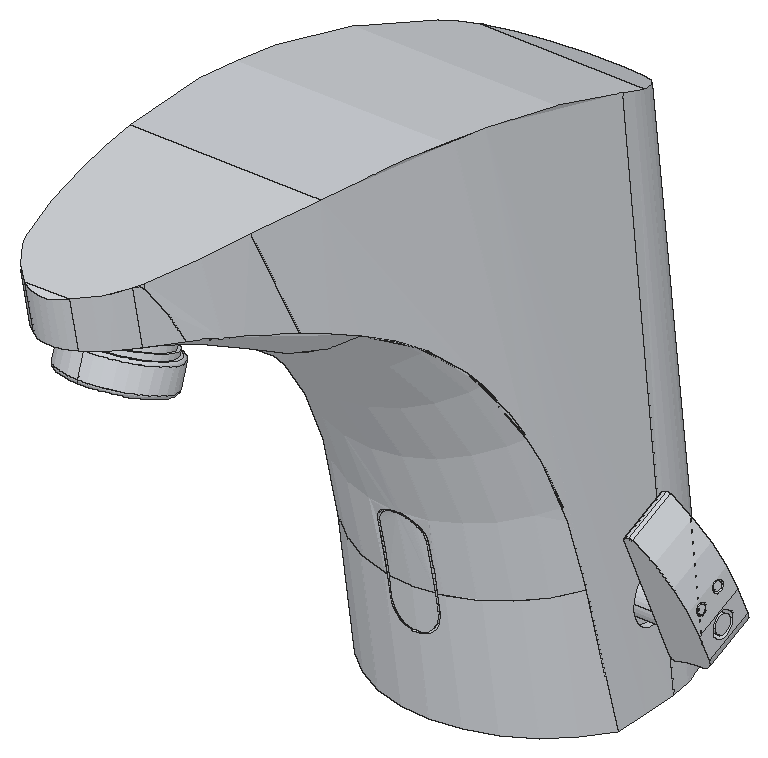
Revit family "Faucet_Touchless-Lavatory-KOHLER-ELOSIS-K-18055T_1", category Plumbing Fixtures, host Face, Revit 2017 (continued)
Definition of nested family "K-18055T"
  Lines and regions (in)
    symbolic lines, detail levels medium+fine
      curve 41: arc (0.44376, 0, 5.08683) -> (0.22553, 0, 5.17865) -> (-0.00014, 0, 5.25027) r 2.60278
      curve 42: arc (0.87643, 0, 4.68556) -> (0.69083, 0, 4.91933) -> (0.44376, 0, 5.08683) r 0.98577
      curve 43: arc (-0.62884, 0, 0.28219) -> (-1.02893, 0, 0.59852) -> (-1.21875, 0, 1.07193) r 0.99117
      curve 44: arc (0.62884, 0, 0.28219) -> (1.02893, 0, 0.59852) -> (1.21875, 0, 1.07193) r 0.99117
      curve 45: arc (0, 0, 4.97515) -> (-0.22795, 0, 4.97584) -> (-0.45316, 0, 4.94059) r 1.4414
      curve 46: arc (0.77057, 0, 4.79289) -> (0.62155, 0, 4.88755) -> (0.45316, 0, 4.94059) r 0.67894
      curve 47: arc (0.9937, 0, 4.48821) -> (0.90069, 0, 4.65413) -> (0.77057, 0, 4.79289) r 0.78672
      curve 48: arc (0, 0, 4.97515) -> (0.22795, 0, 4.97584) -> (0.45316, 0, 4.94059) r 1.4414
      curve 49: line (0.77557, 0.79459, 0) -> (0.44686, 1.04671, 0)
      curve 50: line (0.44686, 1.04671, 0) -> (0.77557, 0.79459, 0)
      curve 51: spline (0, 0, 4.46621) -> (0.10517, 0, 4.46147) -> (0.20316, 0, 4.44759) -> (0.28732, 0, 4.42551) -> (0.35189, 0, 4.39672) -> (0.39248, 0, 4.36321) -> (0.40633, 0, 4.32724) -> (0.39248, 0, 4.29127) -> (0.35189, 0, 4.25775) -> (0.28732, 0, 4.22897) -> (0.20316, 0, 4.20688) -> (0.10517, 0, 4.193) -> (0, 0, 4.18826)
      curve 52: spline (0, 0, 4.18826) -> (-0.10517, 0, 4.193) -> (-0.20316, 0, 4.20688) -> (-0.28732, 0, 4.22897) -> (-0.35189, 0, 4.25775) -> (-0.39248, 0, 4.29127) -> (-0.40633, 0, 4.32724) -> (-0.39248, 0, 4.36321) -> (-0.35189, 0, 4.39672) -> (-0.28732, 0, 4.42551) -> (-0.20316, 0, 4.44759) -> (-0.10517, 0, 4.46147) -> (0, 0, 4.46621)
      curve 53: spline (0, 0, 4.24356) -> (-0.04631, 0, 4.24447) -> (-0.09201, 0, 4.24717) -> (-0.13651, 0, 4.25164) -> (-0.17924, 0, 4.25781) -> (-0.21963, 0, 4.26561) -> (-0.25715, 0, 4.27493) -> (-0.29133, 0, 4.28566) -> (-0.32171, 0, 4.29764) -> (-0.3479, 0, 4.31074) -> (-0.36956, 0, 4.32476) -> (-0.3864, 0, 4.33954) -> (-0.39821, 0, 4.35489)
      curve 54: spline (0, 0, 4.24356) -> (0.04631, 0, 4.24447) -> (0.09201, 0, 4.24717) -> (0.13651, 0, 4.25164) -> (0.17924, 0, 4.25781) -> (0.21963, 0, 4.26561) -> (0.25715, 0, 4.27493) -> (0.29133, 0, 4.28566) -> (0.32171, 0, 4.29764) -> (0.3479, 0, 4.31074) -> (0.36956, 0, 4.32476) -> (0.3864, 0, 4.33954) -> (0.39821, 0, 4.35489)
      curve 55: arc (-0.37742, 0, 4.7734) -> (-0.18912, 0, 4.79208) -> (0, 0, 4.79831) r 2.87108
      curve 56: arc (-0.41892, 0, 4.64589) -> (-0.43833, 0, 4.72271) -> (-0.37742, 0, 4.7734) r 0.07433
      curve 57: arc (0.37742, 0, 4.7734) -> (0.18912, 0, 4.79208) -> (0, 0, 4.79831) r 2.87108
      curve 58: arc (0.41892, 0, 4.64589) -> (0.43833, 0, 4.72271) -> (0.37742, 0, 4.7734) r 0.07433
      curve 59: spline (-0.40347, 0, 4.65663) -> (-0.39232, 0, 4.67243) -> (-0.3759, 0, 4.68769) -> (-0.35442, 0, 4.7022) -> (-0.32818, 0, 4.71575) -> (-0.29753, 0, 4.72818) -> (-0.26288, 0, 4.73931) -> (-0.2247, 0, 4.74899) -> (-0.18349, 0, 4.7571) -> (-0.13982, 0, 4.76352) -> (-0.09427, 0, 4.76817) -> (-0.04746, 0, 4.77098) -> (0, 0, 4.77193)
      curve 60: spline (0, 0, 4.77193) -> (0.04746, 0, 4.77098) -> (0.09427, 0, 4.76817) -> (0.13982, 0, 4.76352) -> (0.18349, 0, 4.7571) -> (0.2247, 0, 4.74899) -> (0.26288, 0, 4.73931) -> (0.29753, 0, 4.72818) -> (0.32818, 0, 4.71575) -> (0.35442, 0, 4.7022) -> (0.3759, 0, 4.68769) -> (0.39232, 0, 4.67243) -> (0.40347, 0, 4.65663)
      curve 61: line (-0.37742, 0, 4.7734) -> (-0.37742, 0, 4.68648)
      curve 62: line (0.37742, 0, 4.7734) -> (0.37742, 0, 4.68648)
      curve 63: line (-0.46954, 0, 4.55232) -> (-0.46954, 0, 4.3486)
      curve 64: line (0.46954, 0, 4.55232) -> (0.46954, 0, 4.3486)
      curve 65: arc (-0.3303, 0, 4.69071) -> (-0.16698, 0, 4.72766) -> (0, 0, 4.74007) r 1.12982
      curve 66: arc (-0.42852, 0, 4.63843) -> (-0.38193, 0, 4.66931) -> (-0.3303, 0, 4.69071) r 0.29086
      curve 67: arc (-0.46954, 0, 4.55232) -> (-0.45876, 0, 4.60001) -> (-0.42852, 0, 4.63843) r 0.11089
      curve 68: line (0.46954, 0, 4.55232) -> (0.46954, 0, 4.3486)
      curve 69: arc (0.3303, 0, 4.69071) -> (0.16698, 0, 4.72766) -> (0, 0, 4.74007) r 1.12982
      curve 70: arc (0.42852, 0, 4.63843) -> (0.38193, 0, 4.66931) -> (0.3303, 0, 4.69071) r 0.29086
      curve 71: arc (0.46954, 0, 4.55232) -> (0.45876, 0, 4.60001) -> (0.42852, 0, 4.63843) r 0.11089
      curve 72: arc (-0.26808, 0, 4.20714) -> (-0.13496, 0, 4.18361) -> (0, 0, 4.17573) r 1.16002
      curve 73: arc (-0.41458, 0, 4.26621) -> (-0.34355, 0, 4.23117) -> (-0.26808, 0, 4.20714) r 0.52825
      curve 74: arc (-0.46954, 0, 4.3486) -> (-0.45147, 0, 4.30113) -> (-0.41458, 0, 4.26621) r 0.11406
      curve 75: arc (0.26808, 0, 4.20714) -> (0.13496, 0, 4.18361) -> (0, 0, 4.17573) r 1.16002
      curve 76: arc (0.41458, 0, 4.26621) -> (0.34355, 0, 4.23117) -> (0.26808, 0, 4.20714) r 0.52825
      curve 77: arc (0.46954, 0, 4.3486) -> (0.45147, 0, 4.30113) -> (0.41458, 0, 4.26621) r 0.11406
      curve 78: line (0, -5.55443, 4.99778) -> (0, -4.96388, 4.99778)
      curve 79: arc (0, -4.96388, 4.99778) -> (0, -1.29897, 3.80306) -> (0, 0.95773, 0.67797) r 6.21859
      curve 80: arc (0, 0.95773, 0.67797) -> (0, 1.05668, 0.50834) -> (0, 1.21794, 0.39627) r 0.45455
      curve 81: line (0, -4.29856, 4.48137) -> (0, -5.0372, 4.76118)
      curve 82: line (0, -5.08313, 4.72682) -> (0, -4.31259, 4.44636)
      curve 83: arc (0, -5.02655, 4.79284) -> (0, -4.64304, 4.6827) -> (0, -4.29856, 4.48137) r 1.60491
      curve 84: line (0, -4.93104, 4.37553) -> (0, -4.83252, 4.6356)
      curve 85: line (0, -4.69025, 4.28789) -> (0, -4.59514, 4.54921)
      curve 86: arc (0, 0.68556, 4.17306) -> (0, 0.76444, 4.1772) -> (0, 0.83641, 4.20974) r 0.21337
      curve 87: arc (0, -5.3709, 5.23178) -> (0, -5.4939, 5.24559) -> (0, -5.6129, 5.27964) r 0.74262
      curve 88: arc (0, 0.68556, 4.17306) -> (0, -2.30431, 4.92186) -> (0, -5.3709, 5.23178) r 21.32224
      curve 89: arc (0, -5.56487, 5.34885) -> (0, -2.32682, 5.19276) -> (0, 0.8236, 4.4284) r 17.10068
      curve 90: line (0, 0.8315, 1.08747) -> (0, 1.08362, 1.08747)
      curve 91: line (0, 1.08362, 1.08747) -> (0, 0.8315, 1.08747)
      curve 92: spline (0, 0.8674, 0.97334) -> (0, 0.87138, 0.99209) -> (0, 0.87441, 1.01153) -> (0, 0.87647, 1.03148) -> (0, 0.87752, 1.05174) -> (0, 0.87757, 1.07211) -> (0, 0.87661, 1.09238) -> (0, 0.87464, 1.11237) -> (0, 0.8717, 1.13187) -> (0, 0.86781, 1.15069) -> (0, 0.863, 1.16864) -> (0, 0.85733, 1.18556) -> (0, 0.85085, 1.20127)
      curve 93: arc (0, -0.09817, 0.49023) -> (0, -0.13516, 0.50502) -> (0, -0.1672, 0.52868) r 0.15622
      curve 94: arc (0, -0.1672, 0.52868) -> (0, -0.51273, 1.09286) -> (0, -0.53569, 1.75404) r 1.29941
      curve 95: arc (0, 0.29876, 0.67549) -> (0, 0.31113, 0.71323) -> (0, 0.31358, 0.75287) r 0.15622
      curve 96: arc (0, 0.31358, 0.75287) -> (0, 0.10349, 1.38021) -> (0, -0.38824, 1.8228) r 1.29941
      curve 97: arc (0, -0.38824, 1.8228) -> (0, -0.47883, 1.82457) -> (0, -0.53569, 1.75404) r 0.1029
      curve 98: arc (0, 0.00963, 0.47514) -> (0, -0.0447, 0.47963) -> (0, -0.09817, 0.49023) r 0.48065
      curve 99: arc (0, 0.24544, 0.5881) -> (0, 0.27437, 0.63041) -> (0, 0.29876, 0.67549) r 0.49389
      curve 100: arc (0, 0.24544, 0.5881) -> (0, 0.14112, 0.50325) -> (0, 0.00963, 0.47514) r 0.28736
      curve 101: spline (0, 0.10019, 0.53895) -> (0, 0.05554, 0.54434) -> (0, -0.00486, 0.59156) -> (0, -0.07688, 0.67737) -> (0, -0.15561, 0.79594) -> (0, -0.23569, 0.93919) -> (0, -0.31167, 1.09734) -> (0, -0.37837, 1.25963) -> (0, -0.43123, 1.41499) -> (0, -0.46666, 1.55284) -> (0, -0.48224, 1.66378) -> (0, -0.47692, 1.74026) -> (0, -0.45105, 1.77705) -> (0, -0.4064, 1.77166) -> (0, -0.346, 1.72444) -> (0, -0.27398, 1.63863) -> (0, -0.19525, 1.52006) -> (0, -0.11517, 1.37681) -> (0, -0.03919, 1.21866) -> (0, 0.02751, 1.05637) -> (0, 0.08037, 0.90101) -> (0, 0.1158, 0.76316) -> (0, 0.13138, 0.65222) -> (0, 0.12606, 0.57574) -> (0, 0.10019, 0.53895)
      curve 102: arc (0, -0.14848, 0.55292) -> (0, -0.02101, 0.49463) -> (0, 0.11658, 0.52139) r 0.22936
      curve 103: arc (0, -0.56606, 1.534) -> (0, -0.46413, 0.99798) -> (0, -0.14848, 0.55292) r 1.28175
      curve 104: arc (0, 0.11658, 0.52139) -> (0, 0.18652, 0.57306) -> (0, 0.24033, 0.64136) r 0.32643
      curve 105: arc (0, 0.24033, 0.64136) -> (0, 0.2804, 0.76024) -> (0, 0.26884, 0.88516) r 0.30277
      curve 106: arc (0, 0.26884, 0.88516) -> (0, 0.11725, 1.26394) -> (0, -0.09257, 1.61385) r 2.56144
      curve 107: line (0, -0.45105, 1.77705) -> (0, 0.10019, 0.53895)
      curve 108: arc (-0.55871, 0.39184, 0) -> (-0.76698, -0.16099, 0) -> (-0.86884, -0.74291, 0) r 3.16375
      curve 109: arc (-0.86884, -0.74291, 0) -> (-0.923, -1.62123, 0) -> (-0.9452, -2.50094, 0) r 24.19271
      curve 110: arc (-0.9452, -2.50094, 0) -> (-0.90102, -3.5382, 0) -> (-0.75433, -4.56597, 0) r 10.47033
      curve 111: arc (-0.75433, -4.56597, 0) -> (-0.61166, -5.05134, 0) -> (-0.3803, -5.50123, 0) r 2.67958
      curve 112: arc (0.5568, 0.39184, 0) -> (0.76507, -0.16099, 0) -> (0.86693, -0.74291, 0) r 3.16375
      curve 113: arc (0.86693, -0.74291, 0) -> (0.9211, -1.62123, 0) -> (0.94329, -2.50094, 0) r 24.19271
      curve 114: arc (0.94329, -2.50094, 0) -> (0.89911, -3.5382, 0) -> (0.75243, -4.56597, 0) r 10.47033
      curve 115: arc (0.75243, -4.56597, 0) -> (0.60975, -5.05134, 0) -> (0.37839, -5.50123, 0) r 2.67958
      curve 116: arc (-0.31792, 0.69969, 0) -> (-0.45454, 0.55845, 0) -> (-0.55871, 0.39184, 0) r 0.93747
      curve 117: arc (0.31601, 0.69969, 0) -> (0.45263, 0.55845, 0) -> (0.5568, 0.39184, 0) r 0.93747
      curve 118: arc (0.31601, 0.69969, 0) -> (-0.00095, 0.81486, 0) -> (-0.31792, 0.69969, 0) r 0.49376
  Dimensions and locks (in)
    plane 5 to plane 6 = 2 7/16"
    plane 13 to plane 1 "Center (Front/Back)" = 4.79226"
    plane 4 to plane 2 = 5 9/16"
    plane 8 to plane 2 = 4 5/16"
    plane 5 to plane 7 = 2.97573"
    plane 18 to plane 2 = 0.88516"
    plane 15 to level = 1 113/128"
    aligned and locked: plane 2 to level
Types (2): name | Without Handle | With Handle | Type | Product Page URL | Pressure | Model | Cold Water Inlet Dia | Hot Water Inlet | Flow Rate | Dist 1 | Description
  With Handle, CP-Polished Chrome | no | yes | 1 | "" | 60.00 psi | "K-18055T-CP" | 1/2" | "Hot Water Inlet" | 2.2 GPM | 0.52756" | "Sensor Faucet-Mixer-DC"
  Without Handle, CP-Polished Chrome | yes | no | 2 | "https://www.kohler.com.cn/product/K-18055T-B-CP/K-18055T-B-CP/" | 43.511 psi | "K-18055T-B-CP" | 0" | "Tempered Water Inlet" | 0.528 GPM | 0" | "Daishi basin induction faucet-DC"
